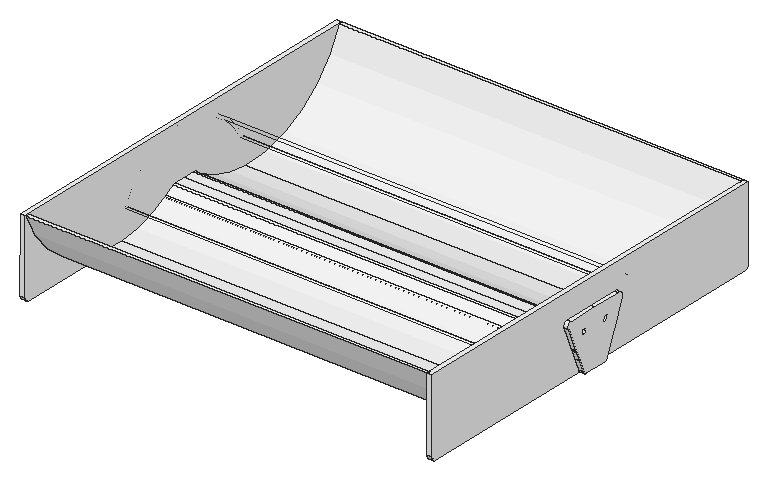
Revit family "STE22", category Lighting Fixtures, host Face, Revit 2012
Parameters (values of type "STE22-317G-WPBMPO-3EU")
  Wattage Comments = "42W"
  Wattage = 42 W
  built-in parameter 1150110 = 1 (stored number, unit not read)
  URL = "http://www.columbialighting.com/"
  built-in parameter 1114217 = 1 (stored number, unit not read)
  Tilt Angle = -90.00°
  built-in parameter 1150109 = 1 (stored number, unit not read)
  built-in parameter 1150134 = (empty or 0)
  built-in parameter 1150113 = 1 (stored number, unit not read)
  Product Page URL = "http://www.columbialighting.com/products/ste/"
  Product Documentation Link = "http://www.columbialighting.com/content/products/specs/specs_files/ste22_tt.pdf"
  Photometric Web File = "3486.IES"
  built-in parameter 1150142 = (empty or 0)
  Model = "STE22"  # constant formula
  Manufacturer Phone = "864.678.1000"  # constant formula
  Manufacturer Fax = "866.898.1065"  # constant formula
  Manufacturer = "Columbia Lighting"  # constant formula
  built-in parameter 1150105 = 1494.2 (stored number, unit not read)
  Lumens = 6238.76 lm
  built-in parameter 1150115 = 1 (stored number, unit not read)
  built-in parameter 1150137 = (empty or 0)
  built-in parameter 1150139 = (empty or 0)
  built-in parameter 1150112 = 1 (stored number, unit not read)
  built-in parameter 1150114 = 1 (stored number, unit not read)
  Lamp = "3"
  built-in parameter 1150132 = (empty or 0)
  built-in parameter 1150102 = (empty or 0)
  built-in parameter 1150107 = 2725 (stored number, unit not read)
  built-in parameter 1150138 = (empty or 0)
  built-in parameter 1150106 = 14.942 (stored number, unit not read)
  Glass = Glass
  Emit from Line Length = 23.000"
  built-in parameter 1150104 = 13.8 (stored number, unit not read)
  Dimming Lamp Color Temperature Shift = <None>
  Description = "2' × 2' Stratus® Recessed Indirect / 2 or 3-Lamp TT"  # constant formula
  Default Elevation = 48.000"
  Color Filter = 16777215
  built-in parameter 1114218 = 1 (stored number, unit not read)
  Backbox = White
  built-in parameter 1150133 = 10 (stored number, unit not read)
Types (8): name | Wattage Comments | Wattage | Photometric Web File | built-in parameter 1150105 | Lumens | Lamp | built-in parameter 1150106
  STE22-214G-MPO | "32W" | 32 W | "3506.IES" | 1270.1 (stored number, unit not read) | 4753.34 lm | "2" | 12.701 (stored number, unit not read)
  STE22-217G-MPO-EU | "999W" | 999 W | "3490.IES" | 35894.4 (stored number, unit not read) | 148393.4 lm | "2" | 358.94 (stored number, unit not read)
  STE22-224G-MPO-EPU | "53W" | 53 W | "3503.IES" | 2197.6 (stored number, unit not read) | 7872.72 lm | "2" | 21.976 (stored number, unit not read)
  STE22-240TTG-MPO-EU | "68W" | 68 W | "3693.IES" | 2629.4 (stored number, unit not read) | 10100.9 lm | "2" | 26.294 (stored number, unit not read)
  STE22-314G-MPO-EPU | "49W" | 49 W | "3512.IES" | 1828.4 (stored number, unit not read) | 7278.56 lm | "3" | 18.284 (stored number, unit not read)
  STE22-324G-MPO-EPU | "77W" | 77 W | "3509.IES" | 2934.6 (stored number, unit not read) | 11437.7 lm | "3" | 29.346 (stored number, unit not read)
  STE22-317G-MPO-3EU | "42W" | 42 W | "3485.IES" | 1448.6 (stored number, unit not read) | 6238.76 lm | "3" | 14.486 (stored number, unit not read)
  STE22-317G-WPBMPO-3EU | "42W" | 42 W | "3486.IES" | 1494.2 (stored number, unit not read) | 6238.76 lm | "3" | 14.942 (stored number, unit not read)
Reference planes (in)
  plane 1 "Center (Front/Back)": y = 0.03999
  plane 2: z = 0
  plane 3 "Center (Left/Right)": x = -11.92646
  plane 4: y = 12.03999
  plane 5: y = -11.96001
  plane 6: x = -24.42646
  plane 7: x = 0.57354
  plane 8: x = -24.12646
  plane 9: x = 0.27354
  plane 10: z = 0.75
  plane 11: z = -4.75
  plane 12: z = -2.93643
  plane 13: x = 0.87354
  plane 14: x = -24.72646
Forms (in)
  Extrusion 1, void
    sketch origin (-11.92646, 0, 0) x (0, 1, 0) y (0, 0, 1)
      loop
        line (12.03999, 0.75) -> (-11.96001, 0.75) -> (-11.96001, -4.75) -> (12.03999, -4.75) -> (12.03999, 0.75)
    from -12.5 to 12.5
  Extrusion 2, solid, material "Glass" <- "Glass"
    sketch origin (-11.92646, 0, 0) x (0, 1, 0) y (0, 0, 1)
      loop
        arc (4.57433, -2.93643) -> (0.06712, -0.12527) -> (-4.4401, -2.93643) r 5.01886
        line (-4.4401, -2.93643) -> (-4.21757, -2.93643)
        arc (-4.21757, -2.93643) -> (0.06712, -0.32412) -> (4.3518, -2.93643) r 4.82
        line (4.3518, -2.93643) -> (4.57433, -2.93643)
    from -12.2 to 12.2
  Extrusion 3, solid, material "White" <- "Backbox"
    sketch origin (-11.92646, 0, 0) x (0, 1, 0) y (0, 0, 1)
      loop
        line (12.03999, 0) -> (11.83893, 0)
        arc (11.83893, 0) -> (9.01536, -3.42293) -> (4.72476, -4.55423) r 7.236
        arc (4.72476, -4.55423) -> (2.99077, -4.24866) -> (1.38211, -3.5329) r 7.22759
        line (1.38211, -3.5329) -> (0.85525, -3.20939)
        arc (0.85525, -3.20939) -> (0.7934, -3.18268) -> (0.72665, -3.17355) r 0.24866
        line (0.72665, -3.17355) -> (0.03999, -3.17355) -> (-0.64666, -3.17355)
        arc (-0.64666, -3.17355) -> (-0.71338, -3.18261) -> (-0.77527, -3.20913) r 0.25022
        line (-0.77527, -3.20913) -> (-1.30212, -3.53095)
        arc (-1.30212, -3.53095) -> (-2.91055, -4.24807) -> (-4.64478, -4.55423) r 7.21582
        arc (-4.64478, -4.55423) -> (-8.93537, -3.42293) -> (-11.75895, 0) r 7.236
        line (-11.75895, 0) -> (-11.96001, 0)
        arc (-11.96001, 0) -> (-9.06722, -3.52815) -> (-4.65728, -4.69802) r 7.42334
        arc (-4.65728, -4.69802) -> (-2.8855, -4.38507) -> (-1.24134, -3.65439) r 7.41107
        line (-1.24134, -3.65439) -> (-0.83133, -3.40921)
        arc (-0.83133, -3.40921) -> (-0.76958, -3.3828) -> (-0.70302, -3.37378) r 0.25
        line (-0.70302, -3.37378) -> (0.03999, -3.37378) -> (0.78301, -3.37378)
        arc (0.78301, -3.37378) -> (0.84959, -3.38287) -> (0.91131, -3.40947) r 0.24844
        line (0.91131, -3.40947) -> (1.32132, -3.65283)
        arc (1.32132, -3.65283) -> (2.96529, -4.3846) -> (4.73727, -4.69802) r 7.40159
        arc (4.73727, -4.69802) -> (9.1472, -3.52815) -> (12.03999, 0) r 7.42334
    from -12.2 to 12.2
  Extrusion 4, solid, material "White" <- "Backbox"
    sketch origin (-11.92646, 0, 0) x (0, 1, 0) y (0, 0, 1)
      loop
        line (12.03999, 0) -> (-11.96001, 0) -> (-11.96001, -4.45)
        arc (-11.96001, -4.45) -> (-11.87214, -4.66213) -> (-11.66001, -4.75) r 0.3
        line (-11.66001, -4.75) -> (11.73999, -4.75)
        arc (11.73999, -4.75) -> (11.95212, -4.66213) -> (12.03999, -4.45) r 0.3
        line (12.03999, -4.45) -> (12.03999, 0)
    from 12.2 to 12.5
  Extrusion 5, solid, material "White" <- "Backbox"
    sketch origin (0.07354, 0, 0) x (0, 1, 0) y (0, 0, -1)
      loop
        line (12.03999, 0) -> (12.03999, 4.45)
        arc (12.03999, 4.45) -> (11.95212, 4.66213) -> (11.73999, 4.75) r 0.3
        line (11.73999, 4.75) -> (-11.66001, 4.75)
        arc (-11.66001, 4.75) -> (-11.87214, 4.66213) -> (-11.96001, 4.45) r 0.3
        line (-11.96001, 4.45) -> (-11.96001, 0) -> (12.03999, 0)
    from 24.2 to 24.5
  Extrusion 6, solid, material "White" <- "Backbox"
    sketch origin (-11.92646, 0, 0) x (0, 1, 0) y (0, 0, 1)
      loop
        line (0.93136, -4.62152) -> (1.23514, -3.86964) -> (1.46189, -3.30843) -> (1.51034, -3.18849) -> (2.07265, -1.79675)
        arc (2.07265, -1.79675) -> (2.04811, -1.5633) -> (1.84085, -1.45309) r 0.25
        line (1.84085, -1.45309) -> (0.03999, -1.45309) -> (-1.76087, -1.45309)
        arc (-1.76087, -1.45309) -> (-1.96813, -1.5633) -> (-1.99266, -1.79675) r 0.25
        line (-1.99266, -1.79675) -> (-1.43036, -3.18849) -> (-1.3819, -3.30843) -> (-1.15516, -3.86964) -> (-0.85138, -4.62152)
        arc (-0.85138, -4.62152) -> (-0.77578, -4.71488) -> (-0.6609, -4.75) r 0.20544
        line (-0.6609, -4.75) -> (0.03999, -4.75) -> (0.74088, -4.75)
        arc (0.74088, -4.75) -> (0.85576, -4.71488) -> (0.93136, -4.62152) r 0.20544
      loop
        arc (0.71037, -2.5846) -> (0.91881, -2.46937) -> (0.87309, -2.23563) r 0.20228
        arc (0.87309, -2.23563) -> (0.67805, -2.3571) -> (0.71037, -2.5846) r 0.21047
      loop
        arc (-0.90801, -2.23563) -> (-0.95373, -2.46937) -> (-0.74528, -2.5846) r 0.20228
        arc (-0.74528, -2.5846) -> (-0.71297, -2.3571) -> (-0.90801, -2.23563) r 0.21047
    from 12.5 to 12.8
  Extrusion 7, solid, material "White" <- "Backbox"
    sketch origin (-11.92646, 0, 0) x (0, 1, 0) y (0, 0, 1)
      loop
        line (0.03999, -4.75) -> (0.74088, -4.75)
        arc (0.74088, -4.75) -> (0.85576, -4.71488) -> (0.93136, -4.62152) r 0.20544
        line (0.93136, -4.62152) -> (1.23514, -3.86964) -> (1.46189, -3.30843) -> (1.51034, -3.18849) -> (2.07265, -1.79675)
        arc (2.07265, -1.79675) -> (2.04811, -1.5633) -> (1.84085, -1.45309) r 0.25
        line (1.84085, -1.45309) -> (0.03999, -1.45309) -> (-1.76087, -1.45309)
        arc (-1.76087, -1.45309) -> (-1.96813, -1.5633) -> (-1.99266, -1.79675) r 0.25
        line (-1.99266, -1.79675) -> (-1.43036, -3.18849) -> (-1.3819, -3.30843) -> (-1.15516, -3.86964) -> (-0.85138, -4.62152)
        arc (-0.85138, -4.62152) -> (-0.77578, -4.71488) -> (-0.6609, -4.75) r 0.20544
        line (-0.6609, -4.75) -> (0.03999, -4.75)
      loop
        arc (0.87309, -2.23563) -> (0.67805, -2.3571) -> (0.71037, -2.5846) r 0.21047
        arc (0.71037, -2.5846) -> (0.91881, -2.46937) -> (0.87309, -2.23563) r 0.20228
      loop
        arc (-0.90801, -2.23563) -> (-0.95373, -2.46937) -> (-0.74528, -2.5846) r 0.20228
        arc (-0.74528, -2.5846) -> (-0.71297, -2.3571) -> (-0.90801, -2.23563) r 0.21047
    from -12.8 to -12.5
  Extrusion 8, solid, material "White" <- "Backbox"
    sketch origin (-11.92646, 0, 0) x (0, 1, 0) y (0, 0, 1)
      loop
        arc (1.24369, -3.85126) -> (1.36254, -3.73737) -> (1.52657, -3.75121) r 0.2
        arc (1.52657, -3.75121) -> (1.42784, -3.69499) -> (1.32997, -3.63726) r 7.40159
        line (1.32997, -3.63726) -> (1.22234, -3.59408)
        arc (1.22234, -3.59408) -> (1.11936, -3.67831) -> (1.0497, -3.79166) r 0.4
        line (1.0497, -3.79166) -> (0.74455, -4.55) -> (0.03999, -4.55) -> (-0.66457, -4.55) -> (-0.96972, -3.79472)
        arc (-0.96972, -3.79472) -> (-1.05216, -3.66743) -> (-1.17605, -3.57997) r 0.4
        line (-1.17605, -3.57997) -> (-1.25526, -3.62734)
        arc (-1.25526, -3.62734) -> (-1.35313, -3.68485) -> (-1.45186, -3.74086) r 7.42294
        arc (-1.45186, -3.74086) -> (-1.28796, -3.72696) -> (-1.16908, -3.84065) r 0.2
        line (-1.16908, -3.84065) -> (-0.85358, -4.62152)
        arc (-0.85358, -4.62152) -> (-0.77798, -4.71488) -> (-0.6631, -4.75) r 0.20544
        line (-0.6631, -4.75) -> (0.03999, -4.75) -> (0.74327, -4.75)
        arc (0.74327, -4.75) -> (0.85827, -4.7148) -> (0.93386, -4.62125) r 0.20544
        line (0.93386, -4.62125) -> (1.24369, -3.85126)
    from -12.2 to 12.2
Cuts and joins
  joined: Extrusion 5, Extrusion 6, Extrusion 7
Dimensions and locks (in)
  equal spacing: plane 4, plane 1 "Center (Front/Back)", plane 5
  locked: plane 4 to plane 5 at 24
  equal spacing: plane 7, plane 3 "Center (Left/Right)", plane 6
  locked: plane 7 to plane 6 at 25
  locked: plane 8 to plane 6 at 0.3
  locked: plane 9 to plane 7 at 0.3
  locked: plane 10 to level at 0.75
  locked: level to plane 11 at 4.75
  plane 4 to Extrusion 3 sketch curve = 0.20106"
  level to plane 12 = 2.93643"
  locked: plane 7 to plane 13 at 0.3
  locked: plane 6 to plane 14 at 0.3
  aligned and locked: plane 2 to host face
  aligned and locked: Extrusion 1 sketch curve to plane 4
  aligned and locked: Extrusion 1 sketch curve to plane 5
  aligned and locked: Extrusion 1 to plane 6
  aligned and locked: Extrusion 1 to plane 7
  aligned and locked: Extrusion 2 to plane 8
  aligned and locked: Extrusion 2 to plane 9
  aligned and locked: imposter light to plane 1 "Center (Front/Back)"
  aligned and locked: Extrusion 1 sketch curve to plane 10
  aligned and locked: plane 1 "Center (Front/Back)" to Extrusion 3 sketch curve
  aligned and locked: Extrusion 4 sketch curve to Extrusion 3  (x2)
  aligned and locked: Extrusion 4 sketch curve to plane 11
  aligned and locked: Extrusion 4 sketch curve to plane 5
  aligned and locked: Extrusion 4 to plane 7
  aligned and locked: plane 9 to Extrusion 4
  aligned and locked: Extrusion 5 to plane 6
  aligned and locked: plane 8 to Extrusion 5
  aligned and locked: Extrusion 2 to cut or joined group of Extrusion 5, Extrusion 6, Extrusion 7
  aligned and locked: Extrusion 2 sketch curve to plane 12
  aligned and locked: plane 12 to Extrusion 2 sketch curve
  aligned and locked: Extrusion 3 to plane 8
  aligned and locked: Extrusion 3 to plane 9
  aligned and locked: plane 7 to Extrusion 6
  aligned and locked: Extrusion 6 to plane 13
  aligned and locked: Extrusion 7 to plane 14
  aligned and locked: plane 6 to Extrusion 7
  aligned and locked: Extrusion 7 sketch curve to cut or joined group of Extrusion 5, Extrusion 6, Extrusion 7  (x5)
  aligned and locked: level to host face
  aligned and locked: Extrusion 8 to plane 9
  aligned and locked: Extrusion 8 to plane 8
Automatic sketch dimensions
  host sketch curve to host sketch curve = 96.000"  (x2)
  Extrusion 1 sketch curve to plane 11 = 0.000"
  Extrusion 3 sketch curve to level = 0.000"  (x2)
  Extrusion 3 sketch curve to plane 5 = 0.000"
  Extrusion 3 sketch curve to plane 1 "Center (Front/Back)" = 0.000"
  Extrusion 3 sketch curve to plane 4 = 0.000"
  Extrusion 3 sketch curve to Extrusion 3 sketch curve = 0.20106"
  plane 1 "Center (Front/Back)" to Extrusion 3 sketch curve = 5.09092"
  Extrusion 3 sketch curve to Extrusion 3 sketch curve = 0.00002"  (x2)
  Extrusion 3 sketch curve to Extrusion 3 sketch curve = 0.01683"  (x2)
  Extrusion 3 sketch curve to Extrusion 3 sketch curve = 0.01133"  (x2)
  plane 11 to Extrusion 3 sketch curve = 0.05198"  (x2)
  plane 1 "Center (Front/Back)" to Extrusion 3 sketch curve = 4.69728"
  Extrusion 3 sketch curve to Extrusion 3 sketch curve = 0.000"  (x2)
  Extrusion 3 sketch curve to Extrusion 3 sketch curve = 0.01251"  (x2)
  plane 1 "Center (Front/Back)" to Extrusion 3 sketch curve = 1.34212"
  Extrusion 3 sketch curve to Extrusion 3 sketch curve = 0.06079"  (x2)
  Extrusion 3 sketch curve to Extrusion 3 sketch curve = 0.41001"  (x2)
  Extrusion 3 sketch curve to Extrusion 3 sketch curve = 0.05606"
  Extrusion 3 sketch curve to Extrusion 3 sketch curve = 0.1283"  (x2)
  Extrusion 3 sketch curve to Extrusion 3 sketch curve = 0.05636"  (x2)
  Extrusion 3 sketch curve to plane 1 "Center (Front/Back)" = 0.68665"
  Extrusion 3 sketch curve to Extrusion 3 sketch curve = 0.12861"
  plane 11 to Extrusion 3 sketch curve = 0.19577"
  Extrusion 3 sketch curve to Extrusion 3 sketch curve = 3.34265"
  level to Extrusion 3 sketch curve = 2.66347"
  Extrusion 3 sketch curve to plane 1 "Center (Front/Back)" = 5.06274"
  Extrusion 3 sketch curve to Extrusion 3 sketch curve = 0.14379"
  Extrusion 3 sketch curve to Extrusion 3 sketch curve = 0.03061"  (x2)
  Extrusion 3 sketch curve to Extrusion 3 sketch curve = 0.12344"
  Extrusion 3 sketch curve to Extrusion 3 sketch curve = 0.200"  (x2)
  Extrusion 3 sketch curve to Extrusion 3 sketch curve = 0.01456"
  Extrusion 3 sketch curve to Extrusion 3 sketch curve = 0.16438"
  plane 5 to Extrusion 4 sketch curve = 0.300"
  plane 4 to Extrusion 4 sketch curve = 0.300"
  Extrusion 5 sketch curve to plane 5 = 0.000"
  Extrusion 5 sketch curve to plane 11 = 0.000"
  Extrusion 5 sketch curve to plane 4 = 0.000"
  Extrusion 5 sketch curve to level = 0.000"
  plane 5 to Extrusion 5 sketch curve = 0.300"
  plane 4 to Extrusion 5 sketch curve = 0.300"
  Extrusion 2 sketch curve to Extrusion 2 sketch curve = 0.000"  (x2)
  Extrusion 2 sketch curve to Extrusion 2 sketch curve = 0.22253"
  Extrusion 2 sketch curve to plane 1 "Center (Front/Back)" = 0.02713"
  Extrusion 2 sketch curve to plane 1 "Center (Front/Back)" = 4.31181"
  Extrusion 2 sketch curve to plane 11 = 0.39413"
  Extrusion 6 sketch curve to plane 1 "Center (Front/Back)" = 0.000"  (x2)
  Extrusion 6 sketch curve to Extrusion 6 sketch curve = 0.70089"
  plane 1 "Center (Front/Back)" to Extrusion 6 sketch curve = 0.78528"
  Extrusion 6 sketch curve to Extrusion 6 sketch curve = 0.02511"  (x2)
  plane 11 to Extrusion 6 sketch curve = 0.12848"  (x2)
  Extrusion 6 sketch curve to Extrusion 6 sketch curve = 0.19048"
  Extrusion 6 sketch curve to Extrusion 6 sketch curve = 0.13332"  (x2)
  Extrusion 6 sketch curve to Extrusion 6 sketch curve = 0.13761"  (x2)
  Extrusion 6 sketch curve to Extrusion 6 sketch curve = 0.30378"  (x2)
  Extrusion 6 sketch curve to Extrusion 6 sketch curve = 0.22674"  (x2)
  Extrusion 6 sketch curve to Extrusion 6 sketch curve = 0.04846"  (x2)
  Extrusion 6 sketch curve to Extrusion 6 sketch curve = 0.85286"
  Extrusion 6 sketch curve to Extrusion 6 sketch curve = 0.2318"  (x2)
  Extrusion 6 sketch curve to plane 1 "Center (Front/Back)" = 0.67037"
  Extrusion 6 sketch curve to Extrusion 6 sketch curve = 0.96776"
  Extrusion 6 sketch curve to Extrusion 6 sketch curve = 0.75188"  (x2)
  Extrusion 6 sketch curve to Extrusion 6 sketch curve = 0.56121"  (x2)
  Extrusion 6 sketch curve to Extrusion 6 sketch curve = 0.11994"  (x2)
  Extrusion 6 sketch curve to Extrusion 6 sketch curve = 0.60389"  (x2)
  Extrusion 6 sketch curve to Extrusion 6 sketch curve = 0.13855"  (x2)
  Extrusion 6 sketch curve to Extrusion 6 sketch curve = 0.43888"  (x2)
  Extrusion 6 sketch curve to Extrusion 6 sketch curve = 0.09365"
  Extrusion 7 sketch curve to plane 11 = 0.000"
  Extrusion 7 sketch curve to plane 1 "Center (Front/Back)" = 0.000"  (x2)
  plane 1 "Center (Front/Back)" to Extrusion 7 sketch curve = 0.70089"
  plane 11 to Extrusion 7 sketch curve = 0.12848"  (x2)
  Extrusion 7 sketch curve to Extrusion 7 sketch curve = 0.19048"  (x2)
  Extrusion 7 sketch curve to Extrusion 7 sketch curve = 0.30378"  (x2)
  Extrusion 7 sketch curve to Extrusion 7 sketch curve = 0.22674"  (x2)
  Extrusion 7 sketch curve to Extrusion 7 sketch curve = 0.04846"  (x2)
  Extrusion 7 sketch curve to Extrusion 7 sketch curve = 0.2318"  (x2)
  Extrusion 7 sketch curve to Extrusion 7 sketch curve = 0.70089"
  Extrusion 7 sketch curve to Extrusion 7 sketch curve = 0.68115"
  Extrusion 7 sketch curve to Extrusion 7 sketch curve = 0.11994"  (x2)
  Extrusion 7 sketch curve to Extrusion 7 sketch curve = 0.56121"
  Extrusion 7 sketch curve to Extrusion 7 sketch curve = 0.34365"
  Extrusion 7 sketch curve to Extrusion 7 sketch curve = 0.3305"
  Extrusion 7 sketch curve to Extrusion 7 sketch curve = 0.00429"
  Extrusion 7 sketch curve to Extrusion 7 sketch curve = 0.13332"
  Extrusion 7 sketch curve to Extrusion 7 sketch curve = 0.02511"
  Extrusion 7 sketch curve to Extrusion 7 sketch curve = 0.60389"
  Extrusion 6 sketch curve to plane 11 = 0.000"
  plane 11 to Extrusion 6 sketch curve = 0.20544"
  Extrusion 6 sketch curve to plane 1 "Center (Front/Back)" = 0.70089"
  Extrusion 8 sketch curve to plane 11 = 0.000"
  Extrusion 8 sketch curve to plane 1 "Center (Front/Back)" = 0.000"  (x2)
  plane 1 "Center (Front/Back)" to Extrusion 8 sketch curve = 0.70309"
  plane 11 to Extrusion 8 sketch curve = 0.200"
  Extrusion 8 sketch curve to Extrusion 8 sketch curve = 0.00147"
  plane 11 to Extrusion 8 sketch curve = 0.12848"
  Extrusion 8 sketch curve to Extrusion 8 sketch curve = 0.18901"
  Extrusion 8 sketch curve to Extrusion 8 sketch curve = 0.30662"
  Extrusion 8 sketch curve to Extrusion 8 sketch curve = 0.19936"
  Extrusion 8 sketch curve to Extrusion 8 sketch curve = 0.00697"
  Extrusion 8 sketch curve to Extrusion 8 sketch curve = 0.07921"
  Extrusion 8 sketch curve to Extrusion 8 sketch curve = 0.17152"
  Extrusion 8 sketch curve to Extrusion 8 sketch curve = 0.01392"
  Extrusion 8 sketch curve to Extrusion 8 sketch curve = 0.09735"  (x2)
  Extrusion 8 sketch curve to Extrusion 8 sketch curve = 0.000"  (x4)
  plane 1 "Center (Front/Back)" to Extrusion 8 sketch curve = 5.10482"
  Extrusion 8 sketch curve to Extrusion 8 sketch curve = 0.70328"
  Extrusion 8 sketch curve to Extrusion 8 sketch curve = 0.00129"
  plane 11 to Extrusion 8 sketch curve = 0.12875"
  Extrusion 8 sketch curve to Extrusion 8 sketch curve = 0.1893"
  Extrusion 8 sketch curve to Extrusion 8 sketch curve = 0.30644"
  Extrusion 8 sketch curve to Extrusion 8 sketch curve = 0.17263"
  Extrusion 8 sketch curve to Extrusion 8 sketch curve = 0.19398"
  Extrusion 8 sketch curve to Extrusion 8 sketch curve = 0.10764"
  Extrusion 8 sketch curve to Extrusion 8 sketch curve = 0.17689"
  Extrusion 8 sketch curve to Extrusion 8 sketch curve = 0.00865"
  Extrusion 8 sketch curve to plane 1 "Center (Front/Back)" = 5.09955"
  plane 11 to Extrusion 8 sketch curve = 0.80544"
  plane 11 to Extrusion 8 sketch curve = 0.80851"
  Extrusion 8 sketch curve to Extrusion 8 sketch curve = 0.01557"
  Extrusion 8 sketch curve to Extrusion 8 sketch curve = 0.029"
  Extrusion 8 sketch curve to Extrusion 8 sketch curve = 0.09023"
  Extrusion 8 sketch curve to Extrusion 8 sketch curve = 0.07492"
  Extrusion 8 sketch curve to Extrusion 8 sketch curve = 0.04592"
  Extrusion 8 sketch curve to Extrusion 8 sketch curve = 0.05961"
  Extrusion 8 sketch curve to Extrusion 8 sketch curve = 0.04318"
  Extrusion 8 sketch curve to Extrusion 8 sketch curve = 0.04736"
Connectors (in)
  electrical at (-11.92646, 0.39227, -4.55), driven by "Description"
    settings: on cut or joined group of Extrusion 5, Extrusion 6, Extrusion 7, index 1, voltage 0 V, apparent load 0 VA, apparent load phase1 0 VA, apparent load phase2 0 VA, apparent load phase3 0 VA, power factor 1, load classification "Other", number of poles 1, system type 30, power factor state 1, is connector primary yes, connector utility no, sub classification motor no, connector description "2' × 2' Stratus® Recessed Indirect / 2 or 3-Lamp TT"
